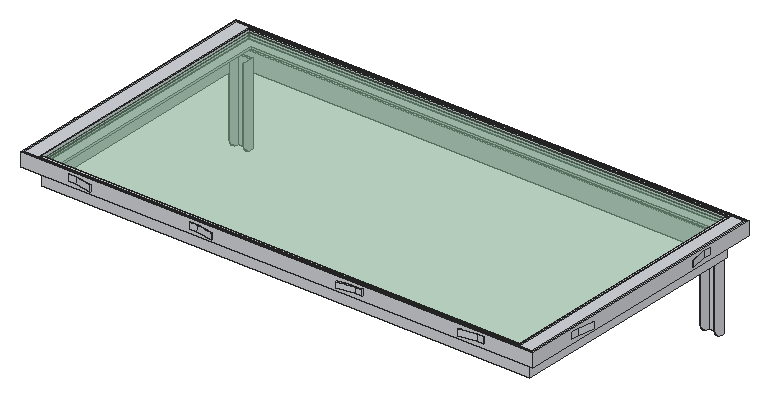
Revit family "gorter_WAG-1000-2000", category Generic Models, host Floor, Revit 2017
Family settings
  Host = Floor
  Can host rebar = No
  Round Connector Dimension = Use Diameter
  Part Type = Normal
  Always vertical = Yes
  Cut with Voids When Loaded = No
  Shared = Yes
  Room Calculation Point = No
Parameters (values of type "WAG-1000-2000")
  kitvoeg = none
  glasplaat = Glass
  frame = none
  WAG-1000-2000 (ankers) = A = 2000 mm  # yes
  C = 400 mm
  B = 1000 mm
  A = 2000 mm
Types (3, lengths in mm): name | WAG-1000-2000 (ankers) | A
  (no name) | yes | 2000
  WAG-1000-2000 | yes | 2000
  WAG-1000-1000 | no | 1000
Reference planes
  plane 1 "Center (Front/Back)": y = 0
  plane 2: z = 0
  plane 3 "Center (Left/Right)": x = 0
  plane 4: y = 500
  plane 5: y = -500
  plane 6: x = -1000
  plane 7: x = 1000
  plane 8: z = -400
  plane 9: x = -1055
  plane 10: y = 555
  plane 11: x = 1055
  plane 12: y = -555
  plane 13: x = -1032.5
  plane 14: x = 1032.5
  plane 15: y = 532.5
  plane 16: y = -532.5
  plane 17: z = -32.5
  plane 18: z = -39
  plane 19: z = -22.5
  plane 20: z = -21
  plane 21: z = -11
  plane 22: z = -9.5
  plane 23: z = 0.5
  plane 24: x = -982.5
  plane 25: x = 982.5
  plane 26: x = 1005
  plane 27: y = 505
  plane 28: x = -1005
  plane 29: y = -505
  plane 30: z = -75
  plane 31: x = 940
  plane 32: x = -940
  plane 33: y = 355
  plane 34: z = -10
  plane 35: y = -355
  plane 36: x = 855
  plane 37: x = -855
  plane 38: x = 355
  plane 39: x = -355
Forms (mm)
  Extrusion 1, void
    sketch origin (0, 0, 0) x (1, 0, 0) y (0, 1, 0)
      loop
        line (-1005, 505) -> (-1005, -505) -> (1005, -505) -> (1005, 505) -> (-1005, 505)
    from -400 to 0
  Sweep 2, solid, material <- "frame"
    path origin (0, 0, 0) x (1, 0, 0) y (0, 1, 0)
      loop
        line (-1000, 500) -> (-1000, -500) -> (1000, -500) -> (1000, 500) -> (-1000, 500)
    profile "WAG_randprofiel : WAG_randprofiel" origin (-1000, 0, 0) x (-1, 0, 0) y (0, 0, 1)
      loop
        line (0, -50) -> (0, -130) -> (5, -130) -> (5, -55) -> (55, -55) -> (55, 0) -> (50, 0) -> (50, -50) -> (0, -50)
  Sweep 3, void
    path origin (0, 0, 0) x (1, 0, 0) y (0, 1, 0)
      loop
        line (-1000, 500) -> (-1000, -500) -> (1000, -500) -> (1000, 500) -> (-1000, 500)
    profile origin (-1000, 0, 0) x (-1, 0, 0) y (0, 0, 1)
      loop
        line (0, 0) -> (0, -130) -> (55, -130) -> (55, 0) -> (0, 0)
  Sweep 4, solid, material <- "frame"
    path origin (0, 0, 0) x (1, 0, 0) y (0, 1, 0)
      loop
        line (-950, 500) -> (-950, -500) -> (950, -500) -> (950, 500) -> (-950, 500)
    profile "WAG_binnenprofiel : WAG_binnenprofiel" origin (-950, 0, 0) x (-1, 0, 0) y (0, 0, 1)
      loop
        line (0, -39) -> (0, -44) -> (45, -44) -> (45, 0) -> (40, 0) -> (40, -39) -> (0, -39)
  Sweep 5, solid, material <- "kitvoeg"
    path origin (0, 0, 0) x (1, 0, 0) y (0, 1, 0)
      loop
        line (950, 500) -> (-950, 500) -> (-950, -500) -> (950, -500) -> (950, 500)
    profile "WAG_kitvoeg : WAG_kitvoeg" origin (-950, 0, 0) x (1, 0, 0) y (0, 0, 1)
      loop
        line (-32.5, 0.388) -> (-40, 0) -> (-40, -9.56) -> (-32.5, -9.56) -> (-32.5, 0.388)
  Extrusion 6, solid, material "Glass" <- "glasplaat"
    sketch origin (0, 0, 0) x (1, 0, 0) y (0, 1, 0)
      loop
        line (-982.5, 532.5) -> (-982.5, -532.5) -> (982.5, -532.5) -> (982.5, 532.5) -> (-982.5, 532.5)
    from -32.5 to -22.5
  Extrusion 7, solid, material "Glass" <- "glasplaat"
    sketch origin (0, 0, 12.439) x (1, 0, 0) y (0, 1, 0)
      loop
        line (-982.5, 532.5) -> (-982.5, -532.5) -> (982.5, -532.5) -> (982.5, 532.5) -> (-982.5, 532.5)
    from -33.439 to -23.439
  Extrusion 8, solid, material "Glass" <- "glasplaat"
    sketch origin (3.081, 0, 23.939) x (1, 0, 0) y (0, 1, 0)
      loop
        line (-985.581, 532.5) -> (-985.581, -532.5) -> (979.419, -532.5) -> (979.419, 532.5) -> (-985.581, 532.5)
    from -33.439 to -23.439
  Extrusion 9, solid, material <- "frame"
    sketch origin (0, 0, 0) x (1, 0, 0) y (0, 1, 0)
      loop
        line (-995, 545) -> (-1045, 545) -> (-1045, -545) -> (-995, -545) -> (-995, 545)
    from -44 to 0
  Extrusion 10, solid, material <- "frame"
    sketch origin (0, 0, 0) x (-1, 0, 0) y (0, -1, 0)
      loop
        line (-995, -545) -> (-995, 545) -> (-1045, 545) -> (-1045, -545) -> (-995, -545)
    from -44 to 0
  Extrusion 11, solid, material <- "frame"
    sketch origin (-1005, 2233.875, 4000) x (0, 1, 0) y (0, 0, 1)
      loop
        line (-1743.875, -4410) -> (-1733.875, -4410) -> (-1733.875, -4075) -> (-1773.875, -4075)
        arc (-1773.875, -4075) -> (-1780.946, -4077.929) -> (-1783.875, -4085) r 10
        line (-1783.875, -4085) -> (-1783.875, -4370)
        arc (-1783.875, -4370) -> (-1772.16, -4398.284) -> (-1743.875, -4410) r 40
    from 1945 to 2005
  Extrusion 12, void
    sketch origin (0, 0, 0) x (1, 0, 0) y (0, 1, 0)
      loop
        line (943, 492) -> (943, 450) -> (997, 450) -> (997, 492) -> (943, 492)
    from -410 to -75
  Extrusion 13, solid, material <- "frame"
    sketch origin (505, 2233.875, 4000) x (0, 1, 0) y (0, 0, -1)
      loop
        arc (-1743.875, 4410) -> (-1772.16, 4398.284) -> (-1783.875, 4370) r 40
        line (-1783.875, 4370) -> (-1783.875, 4085)
        arc (-1783.875, 4085) -> (-1780.946, 4077.929) -> (-1773.875, 4075) r 10
        line (-1773.875, 4075) -> (-1733.875, 4075) -> (-1733.875, 4410) -> (-1743.875, 4410)
    from 1445 to 1505
  Extrusion 14, void
    sketch origin (0, 0, 0) x (-1, 0, 0) y (0, -1, 0)
      loop
        line (943, -492) -> (997, -492) -> (997, -450) -> (943, -450) -> (943, -492)
    from -410 to -75
Cuts and joins
  Extrusion 12 cuts Sweep 4
  Extrusion 12 cuts Extrusion 9
  Extrusion 12 cuts Extrusion 10
  joined: Sweep 4, Extrusion 9, Extrusion 10
  Extrusion 12 cuts Sweep 5
  Extrusion 12 cuts Extrusion 8
  Extrusion 12, Extrusion 14 cuts Extrusion 11
  Extrusion 14 cuts Extrusion 13
Lines and regions (mm)
  model lines, style "glasgebied"
    curve 1: line (-900, 490, 0.5) -> (900, 490, 0.5)
    curve 2: line (-940, -450, 0.5) -> (-940, 450, 0.5)
    curve 3: line (900, -490, 0.5) -> (-900, -490, 0.5)
    curve 4: line (940, 450, 0.5) -> (940, -450, 0.5)
    curve 5: arc (-900, 490, 0.5) -> (-928.284, 478.284, 0.5) -> (-940, 450, 0.5) r 40
    curve 6: arc (900, 490, 0.5) -> (928.284, 478.284, 0.5) -> (940, 450, 0.5) r 40
    curve 7: arc (900, -490, 0.5) -> (928.284, -478.284, 0.5) -> (940, -450, 0.5) r 40
    curve 8: arc (-900, -490, 0.5) -> (-928.284, -478.284, 0.5) -> (-940, -450, 0.5) r 40
  model lines, style "draairichting"
    curve 9: line (-1045, 545, 0.5) -> (0, -545, 0.5)
    curve 10: line (0, -545, 0.5) -> (1050, 550, 0.5)
Dimensions and locks
  equal spacing: plane 6, plane 3 "Center (Left/Right)", plane 7
  "A": plane 6 to plane 7
  equal spacing: plane 5, plane 1 "Center (Front/Back)", plane 4
  "B": plane 5 to plane 4
  "C": level to plane 8
  locked: plane 12 to plane 5 at 55
  locked: plane 9 to plane 6 at 55
  locked: plane 7 to plane 11 at 55
  locked: plane 10 to plane 4 at 55
  locked: plane 16 to plane 5 at 32.5
  locked: plane 15 to plane 4 at 32.5
  locked: plane 13 to plane 6 at 32.5
  locked: plane 7 to plane 14 at 32.5
  locked: level to plane 18 at 39
  plane 23 to plane 22 to plane 21 to plane 20 to plane 19 to plane 17 to plane 18 = 10 mm locked, 1.5 mm locked, 10 mm locked, 1.5 mm locked, 10 mm locked, 6.5 mm locked
  locked: plane 9 to plane 24 at 72.5
  locked: Sweep 5 sketch curve to plane 7 at 50
  locked: plane 6 to Sweep 5 sketch curve at 50
  Sweep 2 to Sweep 5 = 65 mm
  locked: plane 25 to plane 11 at 72.5
  locked: plane 6 to Sweep 4 sketch curve at 50
  locked: Sweep 4 sketch curve to plane 7 at 50
  locked: plane 9 to Extrusion 9 sketch curve at 10
  locked: plane 10 to Extrusion 9 sketch curve at 10
  locked: Extrusion 9 sketch curve to plane 12 at 10
  locked: plane 9 to Sweep 4 at 60
  locked: plane 9 to Extrusion 9 sketch curve at 60
  locked: plane 10 to Extrusion 10 sketch curve at 10
  locked: Extrusion 10 sketch curve to plane 12 at 10
  locked: Extrusion 10 sketch curve to plane 11 at 10
  locked: Extrusion 10 sketch curve to plane 11 at 60
  Extrusion 10 sketch curve to plane 11 = 10 mm
  locked: plane 12 to plane 29 at 50
  locked: plane 10 to plane 27 at 50
  locked: plane 9 to plane 28 at 50
  locked: plane 26 to plane 11 at 50
  Sweep 2 to plane 30 = 25 mm
  locked: level to plane 30 at 75
  plane 7 to plane 31 = 60 mm
  locked: Extrusion 11 sketch curve to plane 30 at 335
  plane 4 to Extrusion 12 sketch curve = 8 mm
  locked: plane 31 to Extrusion 12 sketch curve at 3
  locked: Extrusion 12 sketch curve to plane 7 at 3
  locked: plane 32 to plane 6 at 60
  locked: Extrusion 13 sketch curve to plane 30 at 335
  locked: Extrusion 13 sketch curve to Extrusion 13 sketch curve at 50
  plane 4 to cut or joined group of Extrusion 13, Extrusion 14 = 8 mm
  locked: plane 4 to Extrusion 14 sketch curve at 8
  locked: plane 6 to Extrusion 14 sketch curve at 3
  locked: Extrusion 14 sketch curve to plane 32 at 3
  Extrusion 14 to plane 6 = 57 mm
  plane 10 to plane 33 = 200 mm
  locked: level to plane 34 at 10
  locked: plane 12 to plane 35 at 200
  locked: plane 36 to plane 11 at 200
  locked: plane 9 to plane 37 at 200
  locked: plane 3 "Center (Left/Right)" to plane 38 at 355
  locked: plane 39 to plane 3 "Center (Left/Right)" at 355
  aligned and locked: level to plane 2
  aligned and locked: Extrusion 1 to plane 8
  aligned and locked: level to Extrusion 1
  aligned and locked: Sweep 2 sketch curve to plane 4
  aligned and locked: plane 6 to Sweep 2 sketch curve
  aligned and locked: Sweep 2 sketch curve to plane 5
  aligned and locked: Sweep 2 sketch curve to plane 7
  aligned and locked: Sweep 3 sketch curve to Sweep 2  (x5)
  aligned and locked: Sweep 3 sketch curve to plane 9
  aligned and locked: plane 6 to Sweep 3 sketch curve
  aligned and locked: plane 2 to Sweep 3 sketch curve
  aligned and locked: Sweep 2 to Sweep 4 sketch curve  (x2)
  aligned and locked: Sweep 5 sketch curve to Sweep 2  (x2)
  aligned and locked: Extrusion 6 sketch curve to Sweep 5
  aligned and locked: Sweep 5 to Extrusion 6 sketch curve
  aligned and locked: Extrusion 6 to plane 17
  aligned and locked: Extrusion 6 to plane 19
  aligned and locked: Extrusion 7 to plane 21
  aligned and locked: Extrusion 7 to plane 20
  aligned and locked: Extrusion 7 sketch curve to plane 15
  aligned and locked: Extrusion 7 sketch curve to plane 16
  aligned and locked: Extrusion 8 to plane 22
  aligned and locked: Extrusion 8 to plane 23
  aligned and locked: Extrusion 8 sketch curve to plane 16
  aligned and locked: Extrusion 8 sketch curve to plane 15
  aligned and locked: plane 25 to Extrusion 6 sketch curve
  aligned and locked: plane 24 to Extrusion 6 sketch curve
  aligned and locked: plane 24 to Extrusion 7 sketch curve
  aligned and locked: plane 25 to Extrusion 7 sketch curve
  aligned and locked: plane 24 to Extrusion 8 sketch curve
  aligned and locked: plane 25 to Extrusion 8 sketch curve
  aligned and locked: Extrusion 9 to Sweep 4
  aligned and locked: level to Extrusion 9
  aligned and locked: level to Extrusion 10
  aligned and locked: cut or joined group of Sweep 4, Extrusion 9, Extrusion 10, Extrusion 12 to Extrusion 10
  aligned and locked: Extrusion 1 sketch curve to plane 26
  aligned and locked: Extrusion 1 sketch curve to plane 27
  aligned and locked: plane 28 to Extrusion 1 sketch curve
  aligned and locked: Extrusion 1 sketch curve to plane 29
  aligned and locked: Extrusion 11 to plane 7
  aligned and locked: Extrusion 11 to plane 31
  aligned and locked: plane 7 to Extrusion 11
  aligned and locked: Extrusion 11 sketch curve to plane 4
  aligned and locked: plane 30 to Extrusion 11 sketch curve
  aligned and locked: curve 4 to Extrusion 12
  aligned and locked: Extrusion 12 to plane 30
  aligned and locked: cut or joined group of Extrusion 11, Extrusion 12, Extrusion 14 to Extrusion 12
  aligned and locked: plane 32 to Extrusion 13
  aligned and locked: Extrusion 13 sketch curve to plane 30
  aligned and locked: Extrusion 13 sketch curve to plane 4
  aligned and locked: cut or joined group of Extrusion 13, Extrusion 14 to Extrusion 14
  aligned and locked: cut or joined group of Sweep 4, Extrusion 9, Extrusion 10, Extrusion 12 to curve 9
  aligned and locked: curve 9 to cut or joined group of Sweep 4, Extrusion 9, Extrusion 10, Extrusion 12
  aligned and locked: Sweep 2 to curve 10
  aligned and locked: curve 10 to Sweep 2
  aligned and locked: cut or joined group of Sweep 4, Extrusion 9, Extrusion 10, Extrusion 12 to curve 10
  aligned and locked: plane 3 "Center (Left/Right)" to curve 10
  aligned and locked: cut or joined group of Extrusion 13, Extrusion 14 to plane 6
  aligned and locked: nested 1 to plane 11
  aligned and locked: nested 1 to plane 33
  aligned and locked: plane 34 to nested 1  (x2)
  aligned and locked: nested 2 to plane 9
  aligned and locked: plane 33 to nested 2
  aligned and locked: plane 35 to nested 3
  aligned and locked: nested 4 to plane 35
  aligned and locked: plane 11 to nested 3
  aligned and locked: plane 11 to nested 1
  aligned and locked: nested 3 to plane 34  (x2)
  aligned and locked: plane 34 to nested 3
  aligned and locked: plane 34 to nested 4  (x3)
  aligned and locked: nested 2 to plane 34  (x2)
  aligned and locked: plane 34 to nested 2
  aligned and locked: plane 10 to nested 5
  aligned and locked: plane 36 to nested 5
  aligned and locked: nested 6 to plane 10
  aligned and locked: nested 6 to plane 37
  aligned and locked: plane 34 to nested 6
  aligned and locked: nested 5 to plane 34
  aligned and locked: plane 12 to nested 7
  aligned and locked: nested 8 to plane 12
  aligned and locked: plane 37 to nested 8
  aligned and locked: nested 7 to plane 36
  aligned and locked: plane 34 to nested 7
  aligned and locked: nested 8 to plane 34
  aligned and locked: plane 9 to nested 4
  aligned and locked: plane 38 to nested 9
  aligned and locked: plane 10 to nested 9
  aligned and locked: nested 10 to plane 10
  aligned and locked: nested 10 to plane 39
  aligned and locked: plane 34 to nested 10
  aligned and locked: nested 9 to plane 34
  aligned and locked: plane 12 to nested 11
  aligned and locked: nested 11 to plane 38
  aligned and locked: nested 12 to plane 12
  aligned and locked: plane 39 to nested 12
  aligned and locked: nested 12 to plane 34
  aligned and locked: plane 34 to nested 11
Automatic sketch dimensions
  curve 2 to Extrusion 8 = 42.5 mm
  curve 3 to Extrusion 8 = 42.5 mm
  curve 8 to curve 3 = 40 mm
  curve 5 to curve 5 = 40 mm
  curve 1 to Extrusion 8 = 82.5 mm
  curve 7 to Extrusion 8 = 82.5 mm
  curve 7 to curve 4 = 40 mm
  Extrusion 11 sketch curve to plane 4 = 10 mm
  plane 30 to Extrusion 11 sketch curve = 10 mm
  Extrusion 11 sketch curve to plane 4 = 40 mm
  Extrusion 12 sketch curve to Extrusion 12 sketch curve = 42 mm
  Extrusion 13 sketch curve to Extrusion 13 sketch curve = 10 mm
  Extrusion 13 sketch curve to plane 4 = 10 mm
  plane 4 to Extrusion 14 sketch curve = 50 mm
Nested families
  nested 1: "WAG_klemstrip" at (1055, 355, -35), type "WAG_klemstrip"
  nested 2: "WAG_klemstrip" at (-1055, 355, -35) x (-1, 0, 0) z (0, 0, 1), type "WAG_klemstrip"
  nested 3: "WAG_klemstrip" at (1055, -355, -35), type "WAG_klemstrip"
  nested 4: "WAG_klemstrip" at (-1055, -355, -35) x (-1, 0, 0) z (0, 0, 1), type "WAG_klemstrip"
  nested 5: "WAG_klemstrip" at (855, 555, -35) x (0, 1, 0) z (0, 0, 1), type "WAG_klemstrip"
  nested 6: "WAG_klemstrip" at (-855, 555, -35) x (0, 1, 0) z (0, 0, 1), type "WAG_klemstrip"
  nested 7: "WAG_klemstrip" at (855, -555, -35) x (0, -1, 0) z (0, 0, 1), type "WAG_klemstrip"
  nested 8: "WAG_klemstrip" at (-855, -555, -35) x (0, -1, 0) z (0, 0, 1), type "WAG_klemstrip"
  nested 9: "WAG_klemstrip" at (355, 555, -35) x (0, 1, 0) z (0, 0, 1), visible <- "WAG-1000-2000 (ankers)", type "WAG_klemstrip"
  nested 10: "WAG_klemstrip" at (-355, 555, -35) x (0, 1, 0) z (0, 0, 1), visible <- "WAG-1000-2000 (ankers)", type "WAG_klemstrip"
  nested 11: "WAG_klemstrip" at (355, -555, -35) x (0, -1, 0) z (0, 0, 1), visible <- "WAG-1000-2000 (ankers)", type "WAG_klemstrip"
  nested 12: "WAG_klemstrip" at (-355, -555, -35) x (0, -1, 0) z (0, 0, 1), visible <- "WAG-1000-2000 (ankers)", type "WAG_klemstrip"
Definition of nested family "WAG_klemstrip"
  Reference planes
    plane 1 "Center (Front/Back)": y = 0
    plane 2: z = 0
    plane 3 "Center (Left/Right)": x = 0
    plane 4: z = 25
  Forms (mm)
    Extrusion 1, solid
      sketch origin (0, 0, 0) x (1, 0, 0) y (0, 1, 0)
        loop
          line (0, 0) -> (2, 0) -> (2, 29.825) -> (14.125, 98.589) -> (12.155, 98.937) -> (0, 30) -> (0, 0)
      from 0 to 25
  Dimensions and locks
    locked: plane 4 to level at 25
    aligned and locked: level to plane 2
    aligned and locked: plane 4 to Extrusion 1
